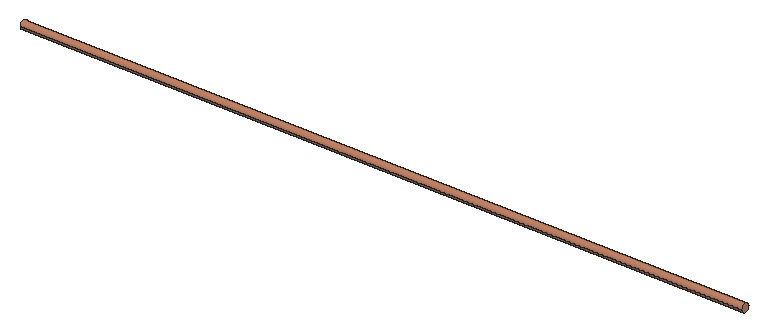
Revit family "Round Steel Bars", category Armazón estructural, Revit 2025
Family settings
  Redondeo de longitud de armazón estructural = 0.10 mm
  Forma de sección = Barra redonda
  Material para comportamiento de modelo = Acero
  Exportar siempre como geometría = No
  Número OmniClass = 23.25.30.11.14.14
  Título OmniClass = Beams
  Siempre vertical = Sí
  Corte con vacíos al cargar = No
  Representación simbólica = Desde configuración de proyecto
  Compartido = No
  Mostrar corte previo de familia en vistas de plano = Sí
Parameters (values of type "Barra Lisa de Ø1/2"")
  Momento torsional de inercia = 0.00 mm⁴
  Módulo de torsión = 0.0 mm³
  Material estructural = JG_Steel - Arriostres
  Clave de nombre de sección = "RB 1"
  Área de sección = 129.0 mm²
  Módulo plástico en el eje débil = 2731.0 mm³
  Módulo plástico en el eje fuerte = 2731.0 mm³
  Perímetro = 0.08 m²/m
  Nominal Weight = 0.00 kgf/m
  Moment of Inertia weak axis = 20432.00 mm⁴
  Moment of Inertia strong axis = 20432.00 mm⁴
  Length [instance] = 1500.00 mm
  Elastic Modulus weak axis = 1609.0 mm³
  Elastic Modulus strong axis = 1609.0 mm³
  Diameter = 12.70 mm
  Centroid Vertical = Diameter / 2  # 6.35 mm
  Centroid Horizontal = Diameter / 2  # 6.35 mm
  Código de montaje = "B10"
  10. SISTEMA = "ESTRUCTURA METALICA"
  06. DESCRIPCION = "Barra de Arriostre - Acero Estructural ASTM  A36"
  03. CODIGO DE ELEMENTO = "MET-ARR-BAR-01"
  02. ELEMENTO = "BARRA DE ARRIOSTRE"
Reference planes
  plane 1 "Centro (Frontal/Posterior)": y = 0
  plane 2: z = 0
  plane 3 "Centro (Izquierda/Derecha)": x = 4.61
  plane 4 "Izquierda de elemento": x = -604.99
  plane 5 "Derecha de elemento": x = 614.21
  plane 6: y = 6.35
  plane 7: y = -6.35
  plane 8 "Parte superior": z = 6.35
  plane 9: z = -6.35
  plane 10 "Izquierda": x = -757.39
  plane 11 "Derecha": x = 742.61
Forms (mm)
  Extrusion 1, solid, material "JG_Steel - Arriostres" <- "Material estructural", detail levels medium+fine
    sketch origin (-757.39, 0, 0) x (0, -1, 0) y (0, 0, 1)
      loop
        circle (0, 0) r 6.35
    from -1371.6 to -152.4
Lines and regions (mm)
  symbolic lines, style "Símbolos de barras", detail levels coarse
    curve 1: arc (0, 6.35, 0) -> (0, 0, -6.35) -> (0, -6.35, 0) r 6.35
    curve 2: arc (0, -6.35, 0) -> (0, 0, 6.35) -> (0, 6.35, 0) r 6.35
Dimensions and locks
  "Diameter": plane 6 to plane 7
  "Diameter": plane 9 to plane 8 "Parte superior"
  equal spacing: plane 9, plane 2, plane 8 "Parte superior"
  equal spacing: plane 6, plane 1 "Centro (Frontal/Posterior)", plane 7
  "Length": plane 10 "Izquierda" to plane 11 "Derecha"
  "Diameter": diameter of Extrusion 1 sketch curve
  aligned and locked: plane 1 "Centro (Frontal/Posterior)" to Extrusion 1 sketch curve
  aligned and locked: plane 2 to Extrusion 1 sketch curve
  aligned and locked: Extrusion 1 to plane 5 "Derecha de elemento"
  aligned and locked: plane 4 "Izquierda de elemento" to Extrusion 1
Automatic sketch dimensions
  curve 1 to level = 0.00 mm  (x2)
  curve 1 to plane 7 = 0.00 mm
  curve 1 to plane 1 "Centro (Frontal/Posterior)" = 0.00 mm
  curve 1 to curve 2 = 0.00 mm
  curve 2 to level = 0.00 mm
